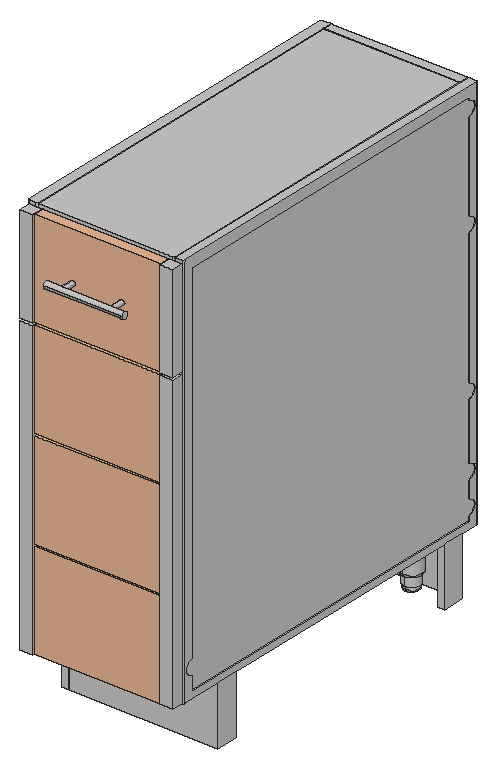
Revit family "Outdoor-Kitchen-Cabinets_Kalamazoo_Storage-Cabinets_Arcadia", category Specialty Equipment, Revit 2018
Family settings
  Round Connector Dimension = Use Diameter
  Part Type = Normal
  OmniClass Number = 23.40.40.11
  OmniClass Title = Specialized Food Storage and Display Furnishings
  Work Plane-Based = No
  Always vertical = Yes
  Cut with Voids When Loaded = No
  Shared = No
  Room Calculation Point = No
Parameters (values of type "Load Type Catalog")
  Ι_Gnrc Mdl Optn 02 = Extension : -3/4"
  Ι_Gnrc Mdl Optn 01 = Extension : +3/4"
  Ι_Bttm_Prfl [instance] = if(Height Extension = Ι_Gnrc Mdl Optn 01, 5 1/4", if(Height Extension = Ι_Gnrc Mdl Optn 02, 3 3/4", 4 1/2"))  # 4 1/2"
  Width = 12"
  Weight (lb) = 180.00 lbf
  URL = "https://kalamazoogourmet.com/products/arcadia-12-inch-pull-out-rack-storage-cabinet/"
  SNGL = not(DBL)  # yes
  Right Hinge [instance] = not(Left Hinge)  # no
  Product data url = "https://www.bimobject.com/en-us/kalamazoogourmet/product/arcadia-storage-cabinet"
  Product Material = Kalamazoo - Stainless Steel - 304 OR 316L
  Panel Finish [instance] = Kalamazoo - Ipe Wood
  Optional Decorative Back Panel [instance] = no
  Model = "KD-12-1"
  Manufacturer = "Kalamazoo Outdoor Gourmet\r\n"  # constant formula
  Left Hinge [instance] = yes
  Keynote = "11400"
  Height Extension [instance] = Extension : None
  Height [instance] = Ι_Bttm_Prfl + 30 1/2"  # 35"
  Front Toe-Kick [instance] = yes
  Description = "Load Type Catalog"
  Depth = 29 1/8"  # constant formula
  DBL = Width > 29"  # no
  Back Toe-Kick [instance] = yes
  Assembly Code = "E1090300"
  3 = no
  2 = no
Reference planes (in)
  plane 1: y = 0
  plane 2: z = 0
  plane 3 "Center (Left/Right)": x = 0
  plane 4: x = -6
  plane 5: x = 6
  plane 6: x = -5.24947
  plane 7: x = 5.26003
  plane 8: x = 5.87546
  plane 9: x = -5.8649
  plane 10 "Center (Front/Back)": y = 13.77968
  plane 11: y = -15.34532
  plane 12: x = -4.8642
  plane 13: x = 4.87476
  plane 14: x = -1.89193
  plane 15: x = 1.89193
  plane 16: x = -3.01772
  plane 17: x = 3.01772
  plane 18: z = 35
  plane 19: x = -2.82527
  plane 20: x = 2.8125
  plane 21: z = 4.5
Forms (in)
  Revolve 1, solid, material "Kalamazoo - Stainless Steel - 304 OR 316L" <- "Product Material", detail levels fine
    sketch origin (-2.82527, -180, 0.15636) x (0, 0, -1) y (0, -1, 0)
      loop
        line (0.15636, -169.74079) -> (-4.34364, -169.74079) -> (-4.34364, -170.55386) -> (-1.1483, -170.55386)
        arc (-1.1483, -170.55386) -> (-1.02584, -170.49675) -> (-0.99086, -170.36623) r 0.15987
        line (-0.99086, -170.36623) -> (-0.25643, -170.36623) -> (-0.25643, -170.30952) -> (0, -170.30952)
        arc (0, -170.30952) -> (0.11056, -170.26372) -> (0.15636, -170.15316) r 0.15636
        line (0.15636, -170.15316) -> (0.15636, -169.74079)
      axis (-4.34364, -169.74079) -> (0.15636, -169.74079)
    angle from 0 to 360
  Revolve 2, solid, material "Kalamazoo - Stainless Steel - 304 OR 316L" <- "Product Material", detail levels fine
    sketch origin (-2.82527, -158.30525, 0.15636) x (0, 0, -1) y (0, -1, 0)
      loop
        line (0.15636, -169.74079) -> (-4.34364, -169.74079) -> (-4.34364, -170.55386) -> (-1.1483, -170.55386)
        arc (-1.1483, -170.55386) -> (-1.02584, -170.49675) -> (-0.99086, -170.36623) r 0.15987
        line (-0.99086, -170.36623) -> (-0.25643, -170.36623) -> (-0.25643, -170.30952) -> (0, -170.30952)
        arc (0, -170.30952) -> (0.11056, -170.26372) -> (0.15636, -170.15316) r 0.15636
        line (0.15636, -170.15316) -> (0.15636, -169.74079)
      axis (-4.34364, -169.74079) -> (0.15636, -169.74079)
    angle from 0 to 360
  Revolve 3, solid, material "Kalamazoo - Stainless Steel - 304 OR 316L" <- "Product Material", detail levels fine
    sketch origin (2.8125, -180, 0.15636) x (0, 0, -1) y (0, -1, 0)
      loop
        line (0.15636, -169.74079) -> (-4.34364, -169.74079) -> (-4.34364, -170.55386) -> (-1.1483, -170.55386)
        arc (-1.1483, -170.55386) -> (-1.02584, -170.49675) -> (-0.99086, -170.36623) r 0.15987
        line (-0.99086, -170.36623) -> (-0.25643, -170.36623) -> (-0.25643, -170.30952) -> (0, -170.30952)
        arc (0, -170.30952) -> (0.11056, -170.26372) -> (0.15636, -170.15316) r 0.15636
        line (0.15636, -170.15316) -> (0.15636, -169.74079)
      axis (-4.34364, -169.74079) -> (0.15636, -169.74079)
    angle from 0 to 360
  Revolve 4, solid, material "Kalamazoo - Stainless Steel - 304 OR 316L" <- "Product Material", detail levels fine
    sketch origin (2.8125, -180, 0.15636) x (0, 0, -1) y (0, -1, 0)
      loop
        line (0.15636, -191.43554) -> (-4.34364, -191.43554) -> (-4.34364, -192.24861) -> (-1.1483, -192.24861)
        arc (-1.1483, -192.24861) -> (-1.02584, -192.1915) -> (-0.99086, -192.06098) r 0.15987
        line (-0.99086, -192.06098) -> (-0.25643, -192.06098) -> (-0.25643, -192.00427) -> (0, -192.00427)
        arc (0, -192.00427) -> (0.11056, -191.95847) -> (0.15636, -191.84791) r 0.15636
        line (0.15636, -191.84791) -> (0.15636, -191.43554)
      axis (-4.34364, -191.43554) -> (0.15636, -191.43554)
    angle from 0 to 360
  Revolve 5, solid, material "Kalamazoo - Stainless Steel - 304 OR 316L" <- "Product Material", detail levels coarse+medium
    sketch origin (-2.82527, -180, 0.15636) x (0, 0, -1) y (0, -1, 0)
      loop
        line (0.15636, -169.74079) -> (-4.34364, -169.74079) -> (-4.34364, -170.55386) -> (0.15636, -170.55386) -> (0.15636, -169.74079)
      axis (-4.34364, -169.74079) -> (0.15636, -169.74079)
    angle from 0 to 360
  Revolve 6, solid, material "Kalamazoo - Stainless Steel - 304 OR 316L" <- "Product Material", detail levels coarse+medium
    sketch origin (-2.82527, -180, 0.15636) x (0, 0, -1) y (0, -1, 0)
      loop
        line (0.15636, -191.43554) -> (-4.34364, -191.43554) -> (-4.34364, -192.24861) -> (0.15636, -192.24861) -> (0.15636, -191.43554)
      axis (-4.34364, -191.43554) -> (0.15636, -191.43554)
    angle from 0 to 360
  Revolve 7, solid, material "Kalamazoo - Stainless Steel - 304 OR 316L" <- "Product Material", detail levels coarse+medium
    sketch origin (2.8125, -180, 0.15636) x (0, 0, -1) y (0, -1, 0)
      loop
        line (0.15636, -169.74079) -> (-4.34364, -169.74079) -> (-4.34364, -170.55386) -> (0.15636, -170.55386) -> (0.15636, -169.74079)
      axis (-4.34364, -169.74079) -> (0.15636, -169.74079)
    angle from 0 to 360
  Revolve 8, solid, material "Kalamazoo - Stainless Steel - 304 OR 316L" <- "Product Material", detail levels coarse+medium
    sketch origin (2.8125, -180, 0.15636) x (0, 0, -1) y (0, -1, 0)
      loop
        line (0.15636, -191.43554) -> (-4.34364, -191.43554) -> (-4.34364, -192.24861) -> (0.15636, -192.24861) -> (0.15636, -191.43554)
      axis (-4.34364, -191.43554) -> (0.15636, -191.43554)
    angle from 0 to 360
  Extrusion 9, solid, material "Kalamazoo - Stainless Steel - 304 OR 316L" <- "Product Material", visible <- "Back Toe-Kick"
    sketch origin (0, -9.75763, 45.43725) x (0, 1, 0) y (-1, 0, 0)
      loop
        line (22.06624, -6) -> (22.06624, 6) -> (20.3801, 6) -> (20.3801, 5.5) -> (22.00624, 5.5) -> (22.00624, -5.5) -> (20.3801, -5.5) -> (20.3801, -6) -> (22.06624, -6)
    from -45.43725 to -40.93725
  Extrusion 10, solid, material "Kalamazoo - Stainless Steel - 304 OR 316L" <- "Product Material", visible <- "Front Toe-Kick"
    sketch origin (0, -9.75763, 45.43725) x (0, 1, 0) y (-1, 0, 0)
      loop
        line (-1.37465, -6) -> (0.31149, -6) -> (0.31149, -5.5) -> (-1.31465, -5.5) -> (-1.31465, 5.5) -> (0.31149, 5.5) -> (0.31149, 6) -> (-1.37465, 6) -> (-1.37465, -6)
    from -45.43725 to -40.93725
Dimensions and locks (in)
  "Width": plane 4 to plane 5
  "Depth": plane 11 to plane 10 "Center (Front/Back)"
  locked: plane 4 to plane 6 at 0.75053
  locked: plane 7 to plane 5 at 0.73997
  locked: plane 13 to plane 8 at 1.0007
  locked: plane 9 to plane 12 at 1.0007
  locked: plane 4 to plane 9 at 0.1351
  locked: plane 8 to plane 5 at 0.12454
  equal spacing: plane 14, plane 3 "Center (Left/Right)", plane 15, locked at 1.89193 each  (x2)
  equal spacing: plane 16, plane 3 "Center (Left/Right)", plane 17, locked at 3.01772 each
  "Height": plane 18 to level
  locked: plane 19 to plane 4 at 3.17473
  locked: plane 5 to plane 20 at 3.1875
  equal spacing: plane 4, plane 3 "Center (Left/Right)", plane 5
  equal spacing: plane 17, plane 3 "Center (Left/Right)", plane 16, locked at 3.01772 each
  "Ι_Bttm_Prfl": plane 21 to level
  Extrusion 9 sketch curve to Extrusion 9 sketch curve to Extrusion 9 sketch curve to plane 10 "Center (Front/Back)" = 1.62614" locked, 0.06" locked, 1.47107" locked
  locked: Extrusion 9 sketch curve to plane 10 "Center (Front/Back)" at 3.15722
  locked: plane 4 to Extrusion 9 sketch curve at 0.5
  locked: Extrusion 9 sketch curve to plane 5 at 0.5
  Extrusion 10 sketch curve to Extrusion 10 sketch curve to Extrusion 10 sketch curve to plane 11 = 1.62614" locked, 0.06" locked, 4.21303" locked
  locked: plane 11 to Extrusion 10 sketch curve at 5.89918
  locked: plane 4 to Extrusion 10 sketch curve at 0.5
  locked: Extrusion 10 sketch curve to plane 5 at 0.5
  aligned and locked: plane 2 to level
  aligned and locked: Revolve 2 sketch curve to plane 21
  aligned and locked: Revolve 4 sketch curve to plane 21
  aligned and locked: Revolve 1 sketch curve to plane 21
  aligned and locked: Revolve 3 sketch curve to plane 21
  aligned and locked: Revolve 5 sketch curve to plane 21
  aligned and locked: Revolve 6 sketch curve to plane 21
  aligned and locked: Revolve 8 sketch curve to plane 21
  aligned and locked: Revolve 7 sketch curve to plane 21
  aligned and locked: plane 1 to nested 1
  aligned and locked: plane 21 to nested 1
  aligned and locked: plane 3 "Center (Left/Right)" to nested 1
  aligned and locked: Extrusion 9 sketch curve to plane 4
  aligned and locked: plane 5 to Extrusion 9 sketch curve
  aligned and locked: plane 4 to Extrusion 10 sketch curve
  aligned and locked: Extrusion 10 sketch curve to plane 5
  aligned and locked: Extrusion 10 to plane 2
  aligned and locked: Extrusion 10 to plane 21
  aligned and locked: Extrusion 9 to plane 2
  aligned and locked: Extrusion 9 to plane 21
Automatic sketch dimensions
  Revolve 1 sketch curve to level = 0"  (x2)
  Revolve 1 sketch curve to Revolve 1 sketch curve = 0.15636"
  Revolve 1 sketch curve to Revolve 1 sketch curve = 0.25643"
  Revolve 1 sketch curve to Revolve 1 sketch curve = 0.73444"
  Revolve 1 sketch curve to Revolve 1 sketch curve = 0.15744"
  plane 11 to Revolve 1 sketch curve = 5.89918"
  Revolve 1 sketch curve to Revolve 1 sketch curve = 0.15987"
  Revolve 1 sketch curve to Revolve 1 sketch curve = 0.05671"
  Revolve 1 sketch curve to Revolve 1 sketch curve = 0.81307"
  Revolve 1 sketch curve to level = 0.63322"
  Revolve 1 sketch curve to Revolve 1 sketch curve = 0"
  Revolve 2 sketch curve to level = 0"  (x2)
  level to Revolve 2 sketch curve = 0.15636"
  Revolve 2 sketch curve to Revolve 2 sketch curve = 0.25643"
  Revolve 2 sketch curve to Revolve 2 sketch curve = 0.73444"
  Revolve 2 sketch curve to Revolve 2 sketch curve = 0.15744"
  plane 10 "Center (Front/Back)" to Revolve 2 sketch curve = 1.53107"
  Revolve 2 sketch curve to Revolve 2 sketch curve = 0.15987"
  Revolve 2 sketch curve to Revolve 2 sketch curve = 0.05671"
  Revolve 2 sketch curve to Revolve 2 sketch curve = 0.81307"
  Revolve 2 sketch curve to Revolve 2 sketch curve = 0.63322"
  Revolve 2 sketch curve to Revolve 2 sketch curve = 0"
  Revolve 3 sketch curve to level = 0"  (x2)
  Revolve 3 sketch curve to level = 0.15636"
  Revolve 3 sketch curve to Revolve 3 sketch curve = 0.25643"
  Revolve 3 sketch curve to Revolve 3 sketch curve = 0.73444"
  Revolve 3 sketch curve to Revolve 3 sketch curve = 0.15744"
  Revolve 3 sketch curve to plane 11 = 5.89918"
  Revolve 3 sketch curve to Revolve 3 sketch curve = 0.15987"
  Revolve 3 sketch curve to Revolve 3 sketch curve = 0.05671"
  Revolve 3 sketch curve to Revolve 3 sketch curve = 0.81307"
  Revolve 3 sketch curve to Revolve 3 sketch curve = 0.63322"
  Revolve 3 sketch curve to Revolve 3 sketch curve = 0"
  Revolve 4 sketch curve to level = 0"  (x2)
  Revolve 4 sketch curve to level = 0.15636"
  Revolve 4 sketch curve to Revolve 4 sketch curve = 0.25643"
  Revolve 4 sketch curve to Revolve 4 sketch curve = 0.73444"
  Revolve 4 sketch curve to Revolve 4 sketch curve = 0.15744"
  Revolve 4 sketch curve to plane 10 "Center (Front/Back)" = 1.53107"
  Revolve 4 sketch curve to Revolve 4 sketch curve = 0.15987"
  Revolve 4 sketch curve to Revolve 4 sketch curve = 0.05671"
  Revolve 4 sketch curve to Revolve 4 sketch curve = 0.81307"
  Revolve 4 sketch curve to Revolve 4 sketch curve = 0.63322"
  Revolve 4 sketch curve to Revolve 4 sketch curve = 0"
  Revolve 5 sketch curve to level = 0"  (x2)
  plane 11 to Revolve 5 sketch curve = 5.89918"
  Revolve 5 sketch curve to Revolve 5 sketch curve = 0.81307"
  Revolve 5 sketch curve to level = 0.63322"
  Revolve 5 sketch curve to Revolve 5 sketch curve = 0"
  Revolve 6 sketch curve to level = 0"  (x2)
  plane 10 "Center (Front/Back)" to Revolve 6 sketch curve = 1.53107"
  Revolve 6 sketch curve to Revolve 6 sketch curve = 0.81307"
  Revolve 6 sketch curve to Revolve 6 sketch curve = 0.63322"
  Revolve 6 sketch curve to Revolve 6 sketch curve = 0"
  Revolve 7 sketch curve to level = 0"  (x2)
  Revolve 7 sketch curve to plane 11 = 5.89918"
  Revolve 7 sketch curve to Revolve 7 sketch curve = 0.81307"
  Revolve 7 sketch curve to Revolve 7 sketch curve = 0.63322"
  Revolve 7 sketch curve to Revolve 7 sketch curve = 0"
  Revolve 8 sketch curve to level = 0"  (x2)
  Revolve 8 sketch curve to plane 10 "Center (Front/Back)" = 1.53107"
  Revolve 8 sketch curve to Revolve 8 sketch curve = 0.81307"
  Revolve 8 sketch curve to Revolve 8 sketch curve = 0.63322"
  Revolve 8 sketch curve to Revolve 8 sketch curve = 0"
Nested families (in)
  nested 1: "Arcadia-Storage-Cabinets" at (0, 0, 0), type "Load Type Catalog"
    with Ι_Bttm_Prfl 4 1/2", Height 35"
Definition of nested family "Arcadia-Storage-Cabinets"
  Parameters (values of type "Load Type Catalog")
    Ι_Drct Nstll = no
    Ι_Dffrnt_Dblg = no
    Ι_Bttm_Prfl [instance] = 4 1/2"
    Ι_Bth_Nt_FT60 = no
    Ι_Bth_FT60 = yes
    Width = 12"
    URL = "https://kalamazoogourmet.com/products/arcadia-36-inch-storage-cabinets/"
    Product Material = none
    Panel = none
    Optional Decorative Back Panel = no
    Model = "KD-36-4"
    Manufacturer = "Kalamazoo"  # constant formula
    Keynote = "11400"
    Height [instance] = 35"
    Description = "ARCADIA 36-INCH STORAGE CABINETS"
    Depth = 29 1/8"  # constant formula
    BKPNLSNGL = and(Ι_Bth_FT60, Optional Decorative Back Panel)  # no
    BKPNLDBL = and(Ι_Drct Nstll, Optional Decorative Back Panel)  # no
    Assembly Code = "E1090300"
  Reference planes (in)
    plane 1: y = 0
    plane 2: z = 0
    plane 3 "Center (Left/Right)": x = 0
    plane 4: x = -6
    plane 5: x = 6
    plane 6: x = -5.24947
    plane 7: x = 5.26003
    plane 8: x = 5.87546
    plane 9: x = -5.8649
    plane 10 "Center (Front/Back)": y = 13.77968
    plane 11: y = -15.34532
    plane 12: x = -4.8642
    plane 13: x = 4.87476
    plane 14: x = -1.89193
    plane 15: x = 1.89193
    plane 16: x = -3.01772
    plane 17: x = 3.01772
    plane 18: z = 35
    plane 19: x = -2.82527
    plane 20: x = 2.8125
    plane 21: z = 4.5
    plane 22: x = -3
    plane 23: x = 3
    plane 24: x = -4.89075
    plane 25: x = -1.10925
    plane 26: x = 4.89075
    plane 27: x = 1.10925
  Forms (in)
    Extrusion 1, solid, material <- "Product Material"
      sketch origin (0, -9.75763, 45.43725) x (0, 1, 0) y (-1, 0, 0)
        loop
          line (22.78679, 5.1394) -> (22.78679, -5.15169)
          arc (22.78679, -5.15169) -> (22.81852, -5.22829) -> (22.89513, -5.26003) r 0.10834
          line (22.89513, -5.26003) -> (23.42897, -5.26003)
          arc (23.42897, -5.26003) -> (23.50558, -5.22829) -> (23.53731, -5.15169) r 0.10834
          line (23.53731, -5.15169) -> (23.53731, 5.1394)
          arc (23.53731, 5.1394) -> (23.50507, 5.21723) -> (23.42724, 5.24947) r 0.11008
          line (23.42724, 5.24947) -> (22.89686, 5.24947)
          arc (22.89686, 5.24947) -> (22.81903, 5.21723) -> (22.78679, 5.1394) r 0.11008
      from -40.93725 to -10.43725
    Extrusion 2, solid, material <- "Product Material"
      sketch origin (0, -9.75763, 45.43725) x (0, 1, 0) y (-1, 0, 0)
        loop
          line (22.78679, -5.26003) -> (22.78679, 5.24947) -> (-4.55229, 5.24947)
          arc (-4.55229, 5.24947) -> (-4.63022, 5.21719) -> (-4.66251, 5.13926) r 0.11022
          line (-4.66251, 5.13926) -> (-4.66251, -5.15025)
          arc (-4.66251, -5.15025) -> (-4.63035, -5.22787) -> (-4.55273, -5.26003) r 0.10978
          line (-4.55273, -5.26003) -> (22.78679, -5.26003)
      from -40.93725 to -10.43725
    Extrusion 3, solid, material <- "Product Material", detail levels fine
      sketch origin (0, -9.75763, 45.43725) x (0, 1, 0) y (-1, 0, 0)
        loop
          line (23.42724, 6) -> (-4.55241, 6)
          arc (-4.55241, 6) -> (-4.63024, 5.96776) -> (-4.66248, 5.88993) r 0.11007
          line (-4.66248, 5.88993) -> (-4.66248, 5.35963)
          arc (-4.66248, 5.35963) -> (-4.63021, 5.28174) -> (-4.55232, 5.24947) r 0.11016
          line (-4.55232, 5.24947) -> (23.42722, 5.24947)
          arc (23.42722, 5.24947) -> (23.50508, 5.28172) -> (23.53732, 5.35958) r 0.11011
          line (23.53732, 5.35958) -> (23.53732, 5.88992)
          arc (23.53732, 5.88992) -> (23.50508, 5.96776) -> (23.42724, 6) r 0.11008
        loop
          arc (23.42724, -6) -> (23.50508, -5.96776) -> (23.53732, -5.88992) r 0.11008
          line (23.53732, -5.88992) -> (23.53732, -5.37013)
          arc (23.53732, -5.37013) -> (23.50508, -5.29227) -> (23.42722, -5.26003) r 0.11011
          line (23.42722, -5.26003) -> (-4.55232, -5.26003)
          arc (-4.55232, -5.26003) -> (-4.63021, -5.29229) -> (-4.66248, -5.37019) r 0.11016
          line (-4.66248, -5.37019) -> (-4.66248, -5.88993)
          arc (-4.66248, -5.88993) -> (-4.63024, -5.96776) -> (-4.55241, -6) r 0.11007
          line (-4.55241, -6) -> (23.42724, -6)
      from -40.93725 to -10.43725
    Extrusion 4, void
      sketch origin (-8.5, -23.9075, 48) x (0, 1, 0) y (0, 0, 1)
        loop
          line (10.23789, -13.77105) -> (10.23665, -40.6144)
          arc (10.23665, -40.6144) -> (10.19899, -40.7053) -> (10.1081, -40.74295) r 0.12855
          arc (10.1081, -40.74295) -> (9.67459, -41.2905) -> (10.1081, -41.83806) r 0.56256
          arc (10.1081, -41.83806) -> (10.19958, -41.87595) -> (10.23747, -41.96743) r 0.12937
          line (10.23747, -41.96743) -> (10.23747, -43) -> (36.93666, -43) -> (36.93666, -42.71743)
          arc (36.93666, -42.71743) -> (36.96568, -42.6377) -> (37.03916, -42.59528) r 0.12404
          arc (37.03916, -42.59528) -> (37.48578, -42.04091) -> (37.03916, -41.48655) r 0.56736
          arc (37.03916, -41.48655) -> (36.96568, -41.44413) -> (36.93666, -41.3644) r 0.12404
          line (36.93666, -41.3644) -> (36.93666, -40.27555)
          arc (36.93666, -40.27555) -> (36.95901, -40.18143) -> (37.0398, -40.12824) r 0.13116
          arc (37.0398, -40.12824) -> (37.49378, -39.57038) -> (37.0398, -39.01252) r 0.56975
          arc (37.0398, -39.01252) -> (36.96605, -38.97247) -> (36.93666, -38.89386) r 0.11982
          line (36.93666, -38.89386) -> (36.93666, -34.72966)
          arc (36.93666, -34.72966) -> (36.96118, -34.63987) -> (37.039, -34.5888) r 0.13152
          arc (37.039, -34.5888) -> (37.48317, -34.03485) -> (37.039, -33.4809) r 0.56752
          arc (37.039, -33.4809) -> (36.96563, -33.43844) -> (36.93666, -33.35877) r 0.12404
          line (36.93666, -33.35877) -> (36.93666, -23.25635)
          arc (36.93666, -23.25635) -> (36.97345, -23.15398) -> (37.06594, -23.0967) r 0.16513
          arc (37.06594, -23.0967) -> (37.50128, -22.55395) -> (37.06594, -22.01119) r 0.55601
          arc (37.06594, -22.01119) -> (36.97453, -21.97332) -> (36.93666, -21.88191) r 0.12929
          line (36.93666, -21.88191) -> (36.93666, -15.25639)
          arc (36.93666, -15.25639) -> (36.96856, -15.18061) -> (37.03916, -15.13848) r 0.13182
          arc (37.03916, -15.13848) -> (37.48283, -14.58412) -> (37.03916, -14.02975) r 0.56817
          arc (37.03916, -14.02975) -> (36.96568, -13.98733) -> (36.93666, -13.9076) r 0.12404
          line (36.93666, -13.9076) -> (36.93666, -13.77105) -> (10.23789, -13.77105)
      from 2.5 to 2.6351
    Extrusion 5, void
      sketch origin (8.5, -23.9075, 48) x (0, 1, 0) y (0, 0, -1)
        loop
          line (10.23789, 13.77105) -> (36.93666, 13.77105) -> (36.93666, 13.9076)
          arc (36.93666, 13.9076) -> (36.96568, 13.98733) -> (37.03916, 14.02975) r 0.12404
          arc (37.03916, 14.02975) -> (37.48283, 14.58412) -> (37.03916, 15.13848) r 0.56817
          arc (37.03916, 15.13848) -> (36.96856, 15.18061) -> (36.93666, 15.25639) r 0.13182
          line (36.93666, 15.25639) -> (36.93666, 21.88191)
          arc (36.93666, 21.88191) -> (36.97453, 21.97332) -> (37.06594, 22.01119) r 0.12929
          arc (37.06594, 22.01119) -> (37.50128, 22.55395) -> (37.06594, 23.0967) r 0.55601
          arc (37.06594, 23.0967) -> (36.97345, 23.15398) -> (36.93666, 23.25635) r 0.16513
          line (36.93666, 23.25635) -> (36.93666, 33.35877)
          arc (36.93666, 33.35877) -> (36.96563, 33.43844) -> (37.039, 33.4809) r 0.12404
          arc (37.039, 33.4809) -> (37.48317, 34.03485) -> (37.039, 34.5888) r 0.56752
          arc (37.039, 34.5888) -> (36.96118, 34.63987) -> (36.93666, 34.72966) r 0.13152
          line (36.93666, 34.72966) -> (36.93666, 38.89386)
          arc (36.93666, 38.89386) -> (36.96605, 38.97247) -> (37.0398, 39.01252) r 0.11982
          arc (37.0398, 39.01252) -> (37.49378, 39.57038) -> (37.0398, 40.12824) r 0.56975
          arc (37.0398, 40.12824) -> (36.95901, 40.18143) -> (36.93666, 40.27555) r 0.13116
          line (36.93666, 40.27555) -> (36.93666, 41.3644)
          arc (36.93666, 41.3644) -> (36.96568, 41.44413) -> (37.03916, 41.48655) r 0.12404
          arc (37.03916, 41.48655) -> (37.48578, 42.04091) -> (37.03916, 42.59528) r 0.56736
          arc (37.03916, 42.59528) -> (36.96568, 42.6377) -> (36.93666, 42.71743) r 0.12404
          line (36.93666, 42.71743) -> (36.93666, 43) -> (10.23747, 43) -> (10.23747, 41.96743)
          arc (10.23747, 41.96743) -> (10.19958, 41.87595) -> (10.1081, 41.83806) r 0.12937
          arc (10.1081, 41.83806) -> (9.67459, 41.2905) -> (10.1081, 40.74295) r 0.56256
          arc (10.1081, 40.74295) -> (10.19899, 40.7053) -> (10.23665, 40.6144) r 0.12855
          line (10.23665, 40.6144) -> (10.23789, 13.77105)
      from 2.5 to 2.62454
    Extrusion 6, solid, material <- "Product Material", detail levels coarse+medium
      sketch origin (0, -9.75763, 45.43725) x (0, 1, 0) y (-1, 0, 0)
        loop
          line (23.42724, 6) -> (-4.55241, 6)
          arc (-4.55241, 6) -> (-4.63024, 5.96776) -> (-4.66248, 5.88993) r 0.11007
          line (-4.66248, 5.88993) -> (-4.66248, 5.35963)
          arc (-4.66248, 5.35963) -> (-4.63021, 5.28174) -> (-4.55232, 5.24947) r 0.11016
          line (-4.55232, 5.24947) -> (23.42722, 5.24947)
          arc (23.42722, 5.24947) -> (23.50508, 5.28172) -> (23.53732, 5.35958) r 0.11011
          line (23.53732, 5.35958) -> (23.53732, 5.88992)
          arc (23.53732, 5.88992) -> (23.50508, 5.96776) -> (23.42724, 6) r 0.11008
        loop
          arc (23.42724, -6) -> (23.50508, -5.96776) -> (23.53732, -5.88992) r 0.11008
          line (23.53732, -5.88992) -> (23.53732, -5.37013)
          arc (23.53732, -5.37013) -> (23.50508, -5.29227) -> (23.42722, -5.26003) r 0.11011
          line (23.42722, -5.26003) -> (-4.55232, -5.26003)
          arc (-4.55232, -5.26003) -> (-4.63021, -5.29229) -> (-4.66248, -5.37019) r 0.11016
          line (-4.66248, -5.37019) -> (-4.66248, -5.88993)
          arc (-4.66248, -5.88993) -> (-4.63024, -5.96776) -> (-4.55241, -6) r 0.11007
          line (-4.55241, -6) -> (23.42724, -6)
      from -40.93725 to -10.43725
    Extrusion 7, solid, material <- "Product Material"
      sketch origin (0, 0, 0) x (1, 0, 0) y (0, 0, 1)
        loop
          line (-5.8649, 34.77934) -> (-5.8649, 27.33411) -> (-4.8642, 27.33411) -> (-4.8642, 34.77934) -> (-5.8649, 34.77934)
        loop
          line (5.87546, 34.77934) -> (4.87476, 34.77934) -> (4.87476, 27.33411) -> (5.87546, 27.33411) -> (5.87546, 34.77934)
      from 14.45141 to 15.36205
    Extrusion 8, solid, material <- "Product Material"
      sketch origin (0, 0, 0) x (1, 0, 0) y (0, 0, 1)
        loop
          line (-5.8649, 27.15148) -> (-5.8649, 4.5) -> (-4.8642, 4.5) -> (-4.8642, 27.15148) -> (-5.8649, 27.15148)
        loop
          line (5.87546, 27.15148) -> (4.87476, 27.15148) -> (4.87476, 4.5) -> (5.87546, 4.5) -> (5.87546, 27.15148)
      from 14.45141 to 15.36205
    Extrusion 9, solid, material <- "Panel", visible <- "Ι_Bth_FT60"
      sketch origin (0, 0, 0) x (1, 0, 0) y (0, 0, 1)
        loop
          line (-4.8642, 34.77934) -> (-4.8642, 27.33411) -> (4.87476, 27.33411) -> (4.87476, 34.77934) -> (-4.8642, 34.77934)
        loop
          line (-4.8642, 27.15148) -> (-4.8642, 19.70625) -> (4.87476, 19.70625) -> (4.87476, 27.15148) -> (-4.8642, 27.15148)
        loop
          line (-4.8642, 19.52862) -> (-4.8642, 12.08339) -> (4.87476, 12.08339) -> (4.87476, 19.52862) -> (-4.8642, 19.52862)
        loop
          line (-4.8642, 11.90327) -> (-4.8642, 4.5) -> (4.87476, 4.5) -> (4.87476, 11.90327) -> (-4.8642, 11.90327)
      from 14.45141 to 15.25197
    Extrusion 10, solid, material <- "Product Material", visible <- "Ι_Bth_FT60", detail levels fine
      sketch origin (-8.5, -23.9075, 48) x (0, 1, 0) y (0, 0, 1)
        loop
          circle (7.52997, -16.94628) r 0.2366
      from 5.48228 to 11.51772
    Revolve 11, solid, material <- "Product Material", visible <- "Ι_Bth_FT60", detail levels fine
      sketch origin (-1.89193, -16.23856, 48) x (0, -1, 0) y (0, 0, 1)
        loop
          line (-0.0086, -16.94628) -> (-0.0086, -16.75364) -> (-0.98659, -16.75364) -> (-0.98659, -16.94628) -> (-0.0086, -16.94628)
        axis (-0.98659, -16.94628) -> (-0.0086, -16.94628)
      angle from 0 to 360
    Revolve 12, solid, material <- "Product Material", visible <- "Ι_Bth_FT60", detail levels fine
      sketch origin (1.89193, -16.23856, 48) x (0, -1, 0) y (0, 0, 1)
        loop
          line (-0.0086, -16.94628) -> (-0.0086, -16.75364) -> (-0.98659, -16.75364) -> (-0.98659, -16.94628) -> (-0.0086, -16.94628)
        axis (-0.98659, -16.94628) -> (-0.0086, -16.94628)
      angle from 0 to 360
    Extrusion 13, solid, material <- "Product Material", visible <- "Ι_Bth_Nt_FT60", detail levels fine
      sketch origin (-8.5, -23.9075, 40.37214) x (0, 1, 0) y (0, 0, 1)
        loop
          circle (7.52997, -16.94628) r 0.2366
      from 5.48228 to 11.51772
    Revolve 14, solid, material <- "Product Material", visible <- "Ι_Bth_Nt_FT60", detail levels fine
      sketch origin (-1.89193, -16.23856, 48) x (0, -1, 0) y (0, 0, 1)
        loop
          line (-0.0086, -24.57414) -> (-0.0086, -24.3815) -> (-0.98659, -24.3815) -> (-0.98659, -24.57414) -> (-0.0086, -24.57414)
        axis (-0.98659, -24.57414) -> (-0.0086, -24.57414)
      angle from 0 to 360
    Revolve 15, solid, material <- "Product Material", visible <- "Ι_Bth_Nt_FT60", detail levels fine
      sketch origin (1.89193, -16.23856, 48) x (0, -1, 0) y (0, 0, 1)
        loop
          line (-0.0086, -24.57414) -> (-0.0086, -24.3815) -> (-0.98659, -24.3815) -> (-0.98659, -24.57414) -> (-0.0086, -24.57414)
        axis (-0.98659, -24.57414) -> (-0.0086, -24.57414)
      angle from 0 to 360
    Extrusion 16, solid, material <- "Product Material", visible <- "Ι_Dffrnt_Dblg", detail levels fine
      sketch origin (-8.5, -23.9075, 32.74428) x (0, 1, 0) y (0, 0, 1)
        loop
          circle (7.52997, -16.94628) r 0.2366
      from 5.48228 to 11.51772
    Revolve 17, solid, material <- "Product Material", visible <- "Ι_Dffrnt_Dblg", detail levels fine
      sketch origin (-1.89193, -16.23856, 48) x (0, -1, 0) y (0, 0, 1)
        loop
          line (-0.0086, -32.202) -> (-0.0086, -32.00936) -> (-0.98659, -32.00936) -> (-0.98659, -32.202) -> (-0.0086, -32.202)
        axis (-0.98659, -32.202) -> (-0.0086, -32.202)
      angle from 0 to 360
    Revolve 18, solid, material <- "Product Material", visible <- "Ι_Dffrnt_Dblg", detail levels fine
      sketch origin (1.89193, -16.23856, 48) x (0, -1, 0) y (0, 0, 1)
        loop
          line (-0.0086, -32.202) -> (-0.0086, -32.00936) -> (-0.98659, -32.00936) -> (-0.98659, -32.202) -> (-0.0086, -32.202)
        axis (-0.98659, -32.202) -> (-0.0086, -32.202)
      angle from 0 to 360
    Extrusion 19, solid, material <- "Product Material", visible <- "Ι_Drct Nstll"
      sketch origin (0, 0, 0) x (1, 0, 0) y (0, 0, 1)
        loop
          line (-1.135, 34.7549) -> (-1.135, 27.3149) -> (-0.135, 27.3149) -> (-0.135, 34.7549) -> (-1.135, 34.7549)
        loop
          line (0.135, 34.7549) -> (0.135, 27.3149) -> (1.135, 27.3149) -> (1.135, 34.7549) -> (0.135, 34.7549)
        loop
          line (-1.135, 27.1329) -> (-1.135, 4.5) -> (-0.135, 4.5) -> (-0.135, 27.1329) -> (-1.135, 27.1329)
        loop
          line (0.135, 4.5) -> (1.135, 4.5) -> (1.135, 27.1329) -> (0.135, 27.1329) -> (0.135, 4.5)
      from 14.45141 to 15.36205
    Extrusion 20, solid, material <- "Panel", visible <- "Ι_Drct Nstll"
      sketch origin (0, 0, 0) x (1, 0, 0) y (0, 0, 1)
        loop
          line (-4.8642, 34.7549) -> (-4.8642, 27.3149) -> (-1.135, 27.3149) -> (-1.135, 34.7549) -> (-4.8642, 34.7549)
        loop
          line (-4.8642, 27.1329) -> (-4.8642, 19.6929) -> (-1.135, 19.6929) -> (-1.135, 27.1329) -> (-4.8642, 27.1329)
        loop
          line (-4.8642, 19.52862) -> (-4.8642, 12.0704) -> (-1.135, 12.0704) -> (-1.135, 19.52862) -> (-4.8642, 19.52862)
        loop
          line (-4.8642, 11.90327) -> (-4.8642, 4.5) -> (-1.135, 4.5) -> (-1.135, 11.90327) -> (-4.8642, 11.90327)
        loop
          line (4.87476, 34.7549) -> (1.135, 34.7549) -> (1.135, 27.3149) -> (4.87476, 27.3149) -> (4.87476, 34.7549)
        loop
          line (4.87476, 27.1329) -> (1.135, 27.1329) -> (1.135, 19.6929) -> (4.87476, 19.6929) -> (4.87476, 27.1329)
        loop
          line (4.87476, 19.52862) -> (1.135, 19.52862) -> (1.135, 12.0704) -> (4.87476, 12.0704) -> (4.87476, 19.52862)
        loop
          line (4.87476, 11.90327) -> (1.135, 11.90327) -> (1.135, 4.5) -> (4.87476, 4.5) -> (4.87476, 11.90327)
      from 14.45141 to 15.25197
    Revolve 21, solid, material <- "Product Material", visible <- "Ι_Drct Nstll", detail levels fine
      sketch origin (-4.89075, -15.25197, 48) x (0, 1, 0) y (0, 0, 1)
        loop
          line (-0.97799, -16.94628) -> (0, -16.94628) -> (0, -16.75364) -> (-0.97799, -16.75364) -> (-0.97799, -16.94628)
        axis (0, -16.94628) -> (-0.97799, -16.94628)
      angle from 0 to 360
    Revolve 22, solid, material <- "Product Material", visible <- "Ι_Drct Nstll", detail levels fine
      sketch origin (-1.10925, -15.25197, 48) x (0, 1, 0) y (0, 0, 1)
        loop
          line (-0.97799, -16.94628) -> (0, -16.94628) -> (0, -16.75364) -> (-0.97799, -16.75364) -> (-0.97799, -16.94628)
        axis (0, -16.94628) -> (-0.97799, -16.94628)
      angle from 0 to 360
    Extrusion 23, solid, material <- "Product Material", visible <- "Ι_Drct Nstll", detail levels fine
      sketch origin (-15.99867, -23.9075, 48) x (0, 1, 0) y (0, 0, 1)
        loop
          circle (7.52997, -16.94628) r 0.2366
      from 9.98228 to 16.01772
    Revolve 24, solid, material <- "Product Material", visible <- "Ι_Drct Nstll", detail levels fine
      sketch origin (4.89075, -15.25197, 48) x (0, 1, 0) y (0, 0, 1)
        loop
          line (-0.97799, -16.94628) -> (0, -16.94628) -> (0, -16.75364) -> (-0.97799, -16.75364) -> (-0.97799, -16.94628)
        axis (0, -16.94628) -> (-0.97799, -16.94628)
      angle from 0 to 360
    Revolve 25, solid, material <- "Product Material", visible <- "Ι_Drct Nstll", detail levels fine
      sketch origin (1.10925, -15.25197, 48) x (0, 1, 0) y (0, 0, 1)
        loop
          line (-0.97799, -16.94628) -> (0, -16.94628) -> (0, -16.75364) -> (-0.97799, -16.75364) -> (-0.97799, -16.94628)
        axis (0, -16.94628) -> (-0.97799, -16.94628)
      angle from 0 to 360
    Extrusion 26, solid, material <- "Product Material", visible <- "Ι_Drct Nstll", detail levels fine
      sketch origin (15.99867, -23.9075, 48) x (0, 1, 0) y (0, 0, -1)
        loop
          circle (7.52997, 16.94628) r 0.2366
      from 9.98228 to 16.01772
    Revolve 27, solid, material <- "Product Material", visible <- "Ι_Drct Nstll", detail levels fine
      sketch origin (-4.89075, -15.25197, 48) x (0, 1, 0) y (0, 0, 1)
        loop
          line (-0.97799, -24.588) -> (0, -24.588) -> (0, -24.39537) -> (-0.97799, -24.39537) -> (-0.97799, -24.588)
        axis (0, -24.588) -> (-0.97799, -24.588)
      angle from 0 to 360
    Revolve 28, solid, material <- "Product Material", visible <- "Ι_Drct Nstll", detail levels fine
      sketch origin (-1.10925, -15.25197, 48) x (0, 1, 0) y (0, 0, 1)
        loop
          line (-0.97799, -24.588) -> (0, -24.588) -> (0, -24.39537) -> (-0.97799, -24.39537) -> (-0.97799, -24.588)
        axis (0, -24.588) -> (-0.97799, -24.588)
      angle from 0 to 360
    Extrusion 29, solid, material <- "Product Material", visible <- "Ι_Drct Nstll", detail levels fine
      sketch origin (-15.99867, -23.9075, 40.35828) x (0, 1, 0) y (0, 0, 1)
        loop
          circle (7.52997, -16.94628) r 0.2366
      from 9.98228 to 16.01772
    Revolve 30, solid, material <- "Product Material", visible <- "Ι_Drct Nstll", detail levels fine
      sketch origin (4.89075, -15.25197, 48) x (0, 1, 0) y (0, 0, 1)
        loop
          line (-0.97799, -24.588) -> (0, -24.588) -> (0, -24.39537) -> (-0.97799, -24.39537) -> (-0.97799, -24.588)
        axis (0, -24.588) -> (-0.97799, -24.588)
      angle from 0 to 360
    Revolve 31, solid, material <- "Product Material", visible <- "Ι_Drct Nstll", detail levels fine
      sketch origin (1.10925, -15.25197, 48) x (0, 1, 0) y (0, 0, 1)
        loop
          line (-0.97799, -24.588) -> (0, -24.588) -> (0, -24.39537) -> (-0.97799, -24.39537) -> (-0.97799, -24.588)
        axis (0, -24.588) -> (-0.97799, -24.588)
      angle from 0 to 360
    Extrusion 32, solid, material <- "Product Material", visible <- "Ι_Drct Nstll", detail levels fine
      sketch origin (15.99867, -23.9075, 40.35828) x (0, 1, 0) y (0, 0, -1)
        loop
          circle (7.52997, 16.94628) r 0.2366
      from 9.98228 to 16.01772
    Extrusion 33, solid, material <- "Product Material", visible <- "Optional Decorative Back Panel"
      sketch origin (0, -0.75, 0) x (1, 0, 0) y (0, 0, -1)
        loop
          line (-5.8649, -34.77934) -> (-4.8642, -34.77934) -> (-4.8642, -27.33411) -> (-5.8649, -27.33411) -> (-5.8649, -34.77934)
        loop
          line (5.87546, -34.77934) -> (5.87546, -27.33411) -> (4.87476, -27.33411) -> (4.87476, -34.77934) -> (5.87546, -34.77934)
      from 14.45141 to 15.36205
    Extrusion 34, solid, material <- "Product Material", visible <- "Optional Decorative Back Panel"
      sketch origin (0, -0.75, 0) x (1, 0, 0) y (0, 0, -1)
        loop
          line (-5.8649, -27.15148) -> (-4.8642, -27.15148) -> (-4.8642, -4.5) -> (-5.8649, -4.5) -> (-5.8649, -27.15148)
        loop
          line (5.87546, -27.15148) -> (5.87546, -4.5) -> (4.87476, -4.5) -> (4.87476, -27.15148) -> (5.87546, -27.15148)
      from 14.45141 to 15.36205
    Extrusion 35, solid, material <- "Panel", visible <- "BKPNLSNGL"
      sketch origin (0, -0.75, 0) x (1, 0, 0) y (0, 0, -1)
        loop
          line (-4.8642, -34.77934) -> (4.87476, -34.77934) -> (4.87476, -27.33411) -> (-4.8642, -27.33411) -> (-4.8642, -34.77934)
        loop
          line (-4.8642, -27.15148) -> (4.87476, -27.15148) -> (4.87476, -19.70625) -> (-4.8642, -19.70625) -> (-4.8642, -27.15148)
        loop
          line (-4.8642, -19.52862) -> (4.87476, -19.52862) -> (4.87476, -12.08339) -> (-4.8642, -12.08339) -> (-4.8642, -19.52862)
        loop
          line (-4.8642, -11.90327) -> (4.87476, -11.90327) -> (4.87476, -4.5) -> (-4.8642, -4.5) -> (-4.8642, -11.90327)
      from 14.45141 to 15.25197
    Extrusion 36, solid, material <- "Product Material", visible <- "BKPNLDBL"
      sketch origin (0, -0.75, 0) x (1, 0, 0) y (0, 0, -1)
        loop
          line (-1.135, -34.7549) -> (-0.135, -34.7549) -> (-0.135, -27.3149) -> (-1.135, -27.3149) -> (-1.135, -34.7549)
        loop
          line (0.135, -34.7549) -> (1.135, -34.7549) -> (1.135, -27.3149) -> (0.135, -27.3149) -> (0.135, -34.7549)
        loop
          line (-1.135, -27.1329) -> (-0.135, -27.1329) -> (-0.135, -4.5) -> (-1.135, -4.5) -> (-1.135, -27.1329)
        loop
          line (0.135, -4.5) -> (0.135, -27.1329) -> (1.135, -27.1329) -> (1.135, -4.5) -> (0.135, -4.5)
      from 14.45141 to 15.36205
    Extrusion 37, solid, material <- "Panel", visible <- "BKPNLDBL"
      sketch origin (0, -0.75, 0) x (1, 0, 0) y (0, 0, -1)
        loop
          line (-4.8642, -34.7549) -> (-1.135, -34.7549) -> (-1.135, -27.3149) -> (-4.8642, -27.3149) -> (-4.8642, -34.7549)
        loop
          line (-4.8642, -27.1329) -> (-1.135, -27.1329) -> (-1.135, -19.6929) -> (-4.8642, -19.6929) -> (-4.8642, -27.1329)
        loop
          line (-4.8642, -19.52862) -> (-1.135, -19.52862) -> (-1.135, -12.0704) -> (-4.8642, -12.0704) -> (-4.8642, -19.52862)
        loop
          line (-4.8642, -11.90327) -> (-1.135, -11.90327) -> (-1.135, -4.5) -> (-4.8642, -4.5) -> (-4.8642, -11.90327)
        loop
          line (4.87476, -34.7549) -> (4.87476, -27.3149) -> (1.135, -27.3149) -> (1.135, -34.7549) -> (4.87476, -34.7549)
        loop
          line (4.87476, -27.1329) -> (4.87476, -19.6929) -> (1.135, -19.6929) -> (1.135, -27.1329) -> (4.87476, -27.1329)
        loop
          line (4.87476, -19.52862) -> (4.87476, -12.0704) -> (1.135, -12.0704) -> (1.135, -19.52862) -> (4.87476, -19.52862)
        loop
          line (4.87476, -11.90327) -> (4.87476, -4.5) -> (1.135, -4.5) -> (1.135, -11.90327) -> (4.87476, -11.90327)
      from 14.45141 to 15.25197
  Cuts and joins
    Extrusion 4, Extrusion 5 cuts Extrusion 3
    joined: Extrusion 10, Revolve 11, Revolve 12
    joined: Revolve 21, Revolve 22, Extrusion 23
    joined: Revolve 24, Revolve 25, Extrusion 26
  Lines and regions (in)
    Masking region 1
      outline origin (0, -9.75763, 45.43725) x (0, 1, 0) y (-1, 0, 0)
        loop
          arc (23.42722, 5.24947) -> (23.50508, 5.28172) -> (23.53732, 5.35958) r 0.11011
          line (23.53732, 5.35958) -> (23.53732, 5.88992)
          arc (23.53732, 5.88992) -> (23.50508, 5.96776) -> (23.42724, 6) r 0.11008
          line (23.42724, 6) -> (-4.55241, 6)
          arc (-4.55241, 6) -> (-4.63024, 5.96776) -> (-4.66248, 5.88993) r 0.11007
          line (-4.66248, 5.88993) -> (-4.66248, 5.35963)
          arc (-4.66248, 5.35963) -> (-4.63021, 5.28174) -> (-4.55232, 5.24947) r 0.11016
          line (-4.55232, 5.24947) -> (23.42722, 5.24947)
        loop
          arc (23.53732, -5.37013) -> (23.50508, -5.29227) -> (23.42722, -5.26003) r 0.11011
          line (23.42722, -5.26003) -> (-4.55232, -5.26003)
          arc (-4.55232, -5.26003) -> (-4.63021, -5.29229) -> (-4.66248, -5.37019) r 0.11016
          line (-4.66248, -5.37019) -> (-4.66248, -5.88993)
          arc (-4.66248, -5.88993) -> (-4.63024, -5.96776) -> (-4.55241, -6) r 0.11007
          line (-4.55241, -6) -> (23.42724, -6)
          arc (23.42724, -6) -> (23.50508, -5.96776) -> (23.53732, -5.88992) r 0.11008
          line (23.53732, -5.88992) -> (23.53732, -5.37013)
    Masking region 2
      outline origin (0, -9.75763, 45.43725) x (0, 1, 0) y (-1, 0, 0)
        loop
          arc (23.53731, 5.1394) -> (23.50507, 5.21723) -> (23.42724, 5.24947) r 0.11008
          line (23.42724, 5.24947) -> (22.89686, 5.24947)
          arc (22.89686, 5.24947) -> (22.81903, 5.21723) -> (22.78679, 5.1394) r 0.11008
          line (22.78679, 5.1394) -> (22.78679, -5.15169)
          arc (22.78679, -5.15169) -> (22.81852, -5.22829) -> (22.89513, -5.26003) r 0.10834
          line (22.89513, -5.26003) -> (23.42897, -5.26003)
          arc (23.42897, -5.26003) -> (23.50558, -5.22829) -> (23.53731, -5.15169) r 0.10834
          line (23.53731, -5.15169) -> (23.53731, 5.1394)
    Masking region 3
      outline origin (0, -9.75763, 45.43725) x (0, 1, 0) y (-1, 0, 0)
        loop
          arc (-4.55229, 5.24947) -> (-4.63022, 5.21719) -> (-4.66251, 5.13926) r 0.11022
          line (-4.66251, 5.13926) -> (-4.66251, -5.15025)
          arc (-4.66251, -5.15025) -> (-4.63035, -5.22787) -> (-4.55273, -5.26003) r 0.10978
          line (-4.55273, -5.26003) -> (22.78679, -5.26003) -> (22.78679, 5.24947) -> (-4.55229, 5.24947)
    Masking region 4
      outline origin (0, -9.75763, 45.43725) x (0, 1, 0) y (-1, 0, 0)
        loop
          line (-4.69378, 5.8649) -> (-5.60442, 5.8649) -> (-5.60442, 4.8642) -> (-4.69378, 4.8642) -> (-4.69378, 5.8649)
        loop
          line (-4.69378, -4.87476) -> (-5.60442, -4.87476) -> (-5.60442, -5.87546) -> (-4.69378, -5.87546) -> (-4.69378, -4.87476)
    Masking region 5, visible <- "Ι_Drct Nstll"
      outline origin (0, -9.75763, 45.43725) x (0, 1, 0) y (-1, 0, 0)
        loop
          line (-4.69378, 1.135) -> (-5.60442, 1.135) -> (-5.60442, 0.135) -> (-4.69378, 0.135) -> (-4.69378, 1.135)
        loop
          line (-4.69378, -0.135) -> (-5.60442, -0.135) -> (-5.60442, -1.135) -> (-4.69378, -1.135) -> (-4.69378, -0.135)
    Masking region 6, visible <- "Ι_Drct Nstll"
      outline origin (0, -9.75763, 45.43725) x (0, 1, 0) y (-1, 0, 0)
        loop
          line (-5.49434, 4.8642) -> (-5.49434, 1.135) -> (-4.69378, 1.135) -> (-4.69378, 4.8642) -> (-5.49434, 4.8642)
        loop
          line (-5.49434, -1.135) -> (-5.49434, -4.87476) -> (-4.69378, -4.87476) -> (-4.69378, -1.135) -> (-5.49434, -1.135)
    Masking region 7, visible <- "Ι_Drct Nstll", detail levels fine
      outline origin (0, -9.75763, 45.43725) x (0, 1, 0) y (-1, 0, 0)
        loop
          line (-5.49434, 1.33323) -> (-6.38271, 1.33323)
          arc (-6.38271, 1.33323) -> (-6.43275, 1.26787) -> (-6.47233, 1.1957) r 0.5426
          line (-6.47233, 1.1957) -> (-6.47233, 1.1406) -> (-6.47233, 1.0855)
          arc (-6.47233, 1.0855) -> (-6.43286, 1.01349) -> (-6.38297, 0.94826) r 0.5426
          line (-6.38297, 0.94826) -> (-5.49434, 0.94826) -> (-5.49434, 1.33323)
        loop
          line (-5.49434, 4.69826) -> (-5.49434, 5.08323) -> (-6.38297, 5.08323)
          arc (-6.38297, 5.08323) -> (-6.43286, 5.018) -> (-6.47233, 4.94599) r 0.5426
          line (-6.47233, 4.94599) -> (-6.47233, 4.89089) -> (-6.47233, 4.83579)
          arc (-6.47233, 4.83579) -> (-6.43275, 4.76362) -> (-6.38271, 4.69826) r 0.5426
          line (-6.38271, 4.69826) -> (-5.49434, 4.69826)
        loop
          line (-5.49434, -1.29569) -> (-5.49434, -0.91071) -> (-6.38297, -0.91071)
          arc (-6.38297, -0.91071) -> (-6.43286, -0.97594) -> (-6.47233, -1.04795) r 0.5426
          line (-6.47233, -1.04795) -> (-6.47233, -1.10305) -> (-6.47233, -1.15815)
          arc (-6.47233, -1.15815) -> (-6.43275, -1.23033) -> (-6.38271, -1.29569) r 0.5426
          line (-6.38271, -1.29569) -> (-5.49434, -1.29569)
        loop
          line (-5.49434, -4.69826) -> (-6.38271, -4.69826)
          arc (-6.38271, -4.69826) -> (-6.43275, -4.76362) -> (-6.47233, -4.83579) r 0.5426
          line (-6.47233, -4.83579) -> (-6.47233, -4.89089) -> (-6.47233, -4.94599)
          arc (-6.47233, -4.94599) -> (-6.43286, -5.018) -> (-6.38297, -5.08323) r 0.5426
          line (-6.38297, -5.08323) -> (-5.49434, -5.08323) -> (-5.49434, -4.69826)
    Masking region 8, visible <- "Ι_Bth_FT60"
      outline origin (0, -9.75763, 45.43725) x (0, 1, 0) y (-1, 0, 0)
        loop
          line (-4.69378, 4.8642) -> (-5.49434, 4.8642) -> (-5.49434, -4.87476) -> (-4.69378, -4.87476) -> (-4.69378, 4.8642)
    Masking region 9, visible <- "Ι_Bth_FT60", detail levels fine
      outline origin (0, -9.75763, 45.43725) x (0, 1, 0) y (-1, 0, 0)
        loop
          line (-5.49434, 2.08457) -> (-6.38341, 2.08457)
          spline (-6.38341, 2.08457) -> (-6.38583, 2.08105) -> (-6.38935, 2.07577) -> (-6.39394, 2.06877) -> (-6.39955, 2.06014) -> (-6.40612, 2.04996) -> (-6.41359, 2.03833) -> (-6.42187, 2.02538) -> (-6.43089, 2.01124) -> (-6.44055, 1.99605) -> (-6.45075, 1.97997) -> (-6.46138, 1.96317) -> (-6.47233, 1.94582)
          line (-6.47233, 1.94582) -> (-6.47233, 1.89193) -> (-6.47233, 1.83805)
          spline (-6.47233, 1.83805) -> (-6.46138, 1.82069) -> (-6.45075, 1.80389) -> (-6.44055, 1.78782) -> (-6.43089, 1.77263) -> (-6.42187, 1.75848) -> (-6.41359, 1.74553) -> (-6.40612, 1.73391) -> (-6.39955, 1.72372) -> (-6.39394, 1.71509) -> (-6.38935, 1.7081) -> (-6.38583, 1.70281) -> (-6.38341, 1.6993)
          line (-6.38341, 1.6993) -> (-5.49434, 1.6993) -> (-5.49434, 2.08457)
        loop
          line (-5.49434, -1.6993) -> (-6.38341, -1.6993)
          spline (-6.38341, -1.6993) -> (-6.38583, -1.70281) -> (-6.38935, -1.7081) -> (-6.39394, -1.71509) -> (-6.39955, -1.72372) -> (-6.40612, -1.73391) -> (-6.41359, -1.74553) -> (-6.42187, -1.75848) -> (-6.43089, -1.77263) -> (-6.44055, -1.78782) -> (-6.45075, -1.80389) -> (-6.46138, -1.82069) -> (-6.47233, -1.83805)
          line (-6.47233, -1.83805) -> (-6.47233, -1.89193) -> (-6.47233, -1.94582)
          spline (-6.47233, -1.94582) -> (-6.46138, -1.96317) -> (-6.45075, -1.97997) -> (-6.44055, -1.99605) -> (-6.43089, -2.01124) -> (-6.42187, -2.02538) -> (-6.41359, -2.03833) -> (-6.40612, -2.04996) -> (-6.39955, -2.06014) -> (-6.39394, -2.06877) -> (-6.38935, -2.07577) -> (-6.38583, -2.08105) -> (-6.38341, -2.08457)
          line (-6.38341, -2.08457) -> (-5.49434, -2.08457) -> (-5.49434, -1.6993)
    Masking region 10, visible <- "Ι_Bth_FT60", detail levels fine
      outline origin (0, -9.75763, 45.43725) x (0, 1, 0) y (-1, 0, 0)
        loop
          line (-6.3833, 2.08489) -> (-6.3833, 3.01772) -> (-6.8565, 3.01772) -> (-6.8565, -3.01772) -> (-6.38348, -3.01772) -> (-6.38348, -2.08461)
          arc (-6.38348, -2.08461) -> (-6.42832, -2.0154) -> (-6.47233, -1.94565) r 7.02102
          line (-6.47233, -1.94565) -> (-6.47233, -1.89193) -> (-6.47233, -1.83821)
          arc (-6.47233, -1.83821) -> (-6.42789, -1.76781) -> (-6.38262, -1.69794) r 7.02102
          line (-6.38262, -1.69794) -> (-6.38262, 1.69794)
          arc (-6.38262, 1.69794) -> (-6.42789, 1.76781) -> (-6.47233, 1.83821) r 7.02102
          line (-6.47233, 1.83821) -> (-6.47233, 1.89193) -> (-6.47233, 1.94565)
          arc (-6.47233, 1.94565) -> (-6.42823, 2.01553) -> (-6.3833, 2.08489) r 7.02102
    Masking region 11, visible <- "Ι_Drct Nstll", detail levels fine
      outline origin (0, -9.75763, 45.43725) x (0, 1, 0) y (-1, 0, 0)
        loop
          line (-6.3833, 6.01639) -> (-6.8565, 6.01639) -> (-6.8565, -0.01906) -> (-6.3833, -0.01906) -> (-6.3833, 6.01639)
    Masking region 12, visible <- "Ι_Drct Nstll", detail levels fine
      outline origin (0, -9.75763, 45.43725) x (0, 1, 0) y (-1, 0, 0)
        loop
          line (-6.3833, 0.01906) -> (-6.8565, 0.01906) -> (-6.8565, -6.01639) -> (-6.3833, -6.01639) -> (-6.3833, 0.01906)
    Masking region 13, visible <- "Optional Decorative Back Panel"
      outline origin (0, -9.75763, 45.43725) x (0, 1, 0) y (-1, 0, 0)
        loop
          line (24.36968, 4.8642) -> (24.36968, 5.8649) -> (23.45904, 5.8649) -> (23.45904, 4.8642) -> (24.36968, 4.8642)
        loop
          line (24.36968, -5.87546) -> (24.36968, -4.87476) -> (23.45904, -4.87476) -> (23.45904, -5.87546) -> (24.36968, -5.87546)
    Masking region 14, visible <- "BKPNLDBL"
      outline origin (0, -9.75763, 45.43725) x (0, 1, 0) y (-1, 0, 0)
        loop
          line (24.36968, 0.135) -> (24.36968, 1.135) -> (23.45904, 1.135) -> (23.45904, 0.135) -> (24.36968, 0.135)
        loop
          line (24.36968, -1.135) -> (24.36968, -0.135) -> (23.45904, -0.135) -> (23.45904, -1.135) -> (24.36968, -1.135)
    Masking region 15, visible <- "BKPNLSNGL"
      outline origin (0, -9.75763, 45.43725) x (0, 1, 0) y (-1, 0, 0)
        loop
          line (24.2596, -4.87476) -> (24.2596, 4.8642) -> (23.45904, 4.8642) -> (23.45904, -4.87476) -> (24.2596, -4.87476)
    Masking region 16, visible <- "BKPNLDBL"
      outline origin (0, -9.75763, 45.43725) x (0, 1, 0) y (-1, 0, 0)
        loop
          line (24.2596, 1.135) -> (24.2596, 4.8642) -> (23.45904, 4.8642) -> (23.45904, 1.135) -> (24.2596, 1.135)
        loop
          line (24.2596, -4.87476) -> (24.2596, -1.135) -> (23.45904, -1.135) -> (23.45904, -4.87476) -> (24.2596, -4.87476)
  Dimensions and locks (in)
    "Width": plane 4 to plane 5
    "Depth": plane 11 to plane 10 "Center (Front/Back)"
    locked: plane 4 to plane 6 at 0.75053
    locked: plane 7 to plane 5 at 0.73997
    locked: plane 13 to plane 8 at 1.0007
    locked: plane 9 to plane 12 at 1.0007
    locked: plane 4 to plane 9 at 0.1351
    locked: plane 8 to plane 5 at 0.12454
    equal spacing: plane 14, plane 3 "Center (Left/Right)", plane 15, locked at 1.89193 each  (x2)
    equal spacing: plane 16, plane 3 "Center (Left/Right)", plane 17, locked at 3.01772 each
    "Height": plane 18 to level
    locked: plane 19 to plane 4 at 3.17473
    locked: plane 5 to plane 20 at 3.1875
    equal spacing: plane 4, plane 3 "Center (Left/Right)", plane 5
    equal spacing: plane 17, plane 3 "Center (Left/Right)", plane 16, locked at 3.01772 each
    locked: plane 3 "Center (Left/Right)" to Extrusion 20 sketch curve at 1.135  (x4)
    locked: Extrusion 20 sketch curve to plane 3 "Center (Left/Right)" at 1.135  (x4)
    "Ι_Bttm_Prfl": plane 21 to level
    locked: plane 21 to Extrusion 4 sketch curve at 0.5
    locked: plane 21 to Extrusion 5 sketch curve at 0.5
    equal spacing: plane 3 "Center (Left/Right)", plane 23, plane 5
    equal spacing: plane 4, plane 22, plane 3 "Center (Left/Right)"
    cut or joined group of Revolve 21, Revolve 22, Extrusion 23 to Extrusion 29 to plane 22 to cut or joined group of Revolve 21, Revolve 22, Extrusion 23 to Extrusion 29 = 0" locked, 3.01906" locked, 3.01639" locked, 0" locked
    cut or joined group of Revolve 24, Revolve 25, Extrusion 26 to Extrusion 32 to plane 23 to cut or joined group of Revolve 24, Revolve 25, Extrusion 26 to Extrusion 32 = 0" locked, 3.01906" locked, 3.01639" locked, 0" locked
    Masking region 7 sketch curve to Masking region 7 sketch curve to plane 22 to Masking region 7 sketch curve to Masking region 7 sketch curve = 0.38497" locked, 1.69826" locked, 1.66677" locked, 0.38497" locked
    Masking region 7 sketch curve to Masking region 7 sketch curve to plane 23 to Masking region 7 sketch curve to Masking region 7 sketch curve = 0.38497" locked, 1.70431" locked, 1.69826" locked, 0.38497" locked
    plane 24 to plane 22 to plane 25 = 1.89075" locked, 1.89075" locked
    plane 27 to plane 23 to plane 26 = 1.89075" locked, 1.89075" locked
    aligned and locked: plane 2 to level
    aligned and locked: Extrusion 1 sketch curve to plane 10 "Center (Front/Back)"
    aligned and locked: plane 6 to Extrusion 1 sketch curve
    aligned and locked: Extrusion 1 sketch curve to plane 7
    aligned and locked: Extrusion 1 to plane 18
    aligned and locked: Extrusion 2 sketch curve to plane 7
    aligned and locked: plane 6 to Extrusion 2 sketch curve
    aligned and locked: Extrusion 2 to plane 18
    aligned and locked: Extrusion 3 sketch curve to plane 4
    aligned and locked: plane 6 to Extrusion 3 sketch curve
    aligned and locked: plane 5 to Extrusion 3 sketch curve
    aligned and locked: Extrusion 3 sketch curve to plane 7
    aligned and locked: Extrusion 3 to plane 18
    aligned and locked: cut or joined group of Extrusion 3, Extrusion 4, Extrusion 5 to plane 4
    aligned and locked: cut or joined group of Extrusion 3, Extrusion 4, Extrusion 5 to plane 9
    aligned and locked: Extrusion 5 to plane 5
    aligned and locked: Extrusion 5 to plane 8
    aligned and locked: Extrusion 6 sketch curve to plane 4
    aligned and locked: plane 6 to Extrusion 6 sketch curve
    aligned and locked: plane 5 to Extrusion 6 sketch curve
    aligned and locked: Extrusion 6 sketch curve to plane 7
    aligned and locked: Extrusion 7 sketch curve to plane 12
    aligned and locked: Extrusion 7 sketch curve to plane 9
    aligned and locked: plane 13 to Extrusion 7 sketch curve
    aligned and locked: plane 8 to Extrusion 7 sketch curve
    aligned and locked: Extrusion 8 sketch curve to plane 12
    aligned and locked: Extrusion 8 sketch curve to plane 9
    aligned and locked: plane 13 to Extrusion 8 sketch curve
    aligned and locked: plane 8 to Extrusion 8 sketch curve
    aligned and locked: plane 13 to Extrusion 9 sketch curve  (x4)
    aligned and locked: plane 12 to Extrusion 9 sketch curve  (x4)
    aligned and locked: Extrusion 10 to plane 17
    aligned and locked: Extrusion 10 to plane 16
    aligned and locked: plane 12 to Extrusion 20 sketch curve  (x4)
    aligned and locked: Extrusion 20 sketch curve to plane 13  (x4)
    aligned and locked: Masking region 1 sketch curve to plane 4
    aligned and locked: Masking region 1 sketch curve to plane 6
    aligned and locked: Masking region 1 sketch curve to plane 7
    aligned and locked: Masking region 1 sketch curve to plane 5
    aligned and locked: plane 6 to Masking region 2 sketch curve
    aligned and locked: plane 7 to Masking region 2 sketch curve
    aligned and locked: plane 7 to Masking region 3 sketch curve
    aligned and locked: plane 6 to Masking region 3 sketch curve
    aligned and locked: Masking region 4 sketch curve to plane 9
    aligned and locked: Masking region 4 sketch curve to plane 12
    aligned and locked: Masking region 4 sketch curve to plane 13
    aligned and locked: Masking region 4 sketch curve to plane 8
    aligned and locked: Masking region 6 sketch curve to plane 12
    aligned and locked: Masking region 6 sketch curve to plane 13
    aligned and locked: plane 13 to Masking region 8 sketch curve
    aligned and locked: plane 12 to Masking region 8 sketch curve
    aligned and locked: plane 16 to Masking region 10 sketch curve
    aligned and locked: plane 17 to Masking region 10 sketch curve
    aligned and locked: Extrusion 6 to plane 18
    aligned and locked: plane 21 to cut or joined group of Extrusion 3, Extrusion 4, Extrusion 5
    aligned and locked: plane 21 to Extrusion 2
    aligned and locked: plane 21 to Extrusion 1
    aligned and locked: plane 21 to Extrusion 8  (x2)
    aligned and locked: plane 21 to Extrusion 6
    aligned and locked: Extrusion 9 sketch curve to plane 21
    aligned and locked: plane 21 to Extrusion 19  (x2)
    aligned and locked: Extrusion 20 sketch curve to plane 21
    aligned and locked: plane 21 to Extrusion 20 sketch curve
    aligned and locked: Masking region 11 sketch curve to cut or joined group of Revolve 21, Revolve 22, Extrusion 23  (x2)
    aligned and locked: Masking region 12 sketch curve to cut or joined group of Revolve 24, Revolve 25, Extrusion 26  (x2)
    aligned and locked: Extrusion 33 to Masking region 13 sketch curve  (x2)
    aligned and locked: Masking region 13 sketch curve to Extrusion 33  (x6)
    aligned and locked: Extrusion 36 to Masking region 14 sketch curve  (x2)
    aligned and locked: Masking region 14 sketch curve to Extrusion 36  (x6)
    aligned and locked: Masking region 15 sketch curve to Extrusion 35  (x4)
    aligned and locked: Extrusion 37 to Masking region 16 sketch curve  (x2)
    aligned and locked: Masking region 16 sketch curve to Extrusion 37  (x6)
  Automatic sketch dimensions
    plane 10 "Center (Front/Back)" to Extrusion 1 sketch curve = 0.10834"
    plane 10 "Center (Front/Back)" to Extrusion 1 sketch curve = 0.11008"
    Extrusion 1 sketch curve to plane 6 = 0.11008"
    Extrusion 1 sketch curve to Extrusion 1 sketch curve = 0.53038"
    Extrusion 1 sketch curve to plane 7 = 0.10834"
    Extrusion 2 sketch curve to plane 6 = 0.11022"
    plane 11 to Extrusion 2 sketch curve = 0.92518"
    Extrusion 2 sketch curve to plane 7 = 0.10978"
    plane 10 "Center (Front/Back)" to Extrusion 2 sketch curve = 0.75052"
    plane 7 to Extrusion 3 sketch curve = 0.11016"
    plane 11 to Extrusion 3 sketch curve = 0.92521"  (x2)
    plane 9 to Extrusion 3 sketch curve = 0.02503"
    Extrusion 3 sketch curve to Extrusion 3 sketch curve = 0.11007"
    Extrusion 3 sketch curve to Extrusion 3 sketch curve = 0.11016"
    plane 10 "Center (Front/Back)" to Extrusion 3 sketch curve = 0.11009"  (x2)
    plane 10 "Center (Front/Back)" to Extrusion 3 sketch curve = 0.11007"  (x2)
    Extrusion 3 sketch curve to plane 10 "Center (Front/Back)" = 0"  (x2)
    plane 11 to Extrusion 4 sketch curve = 1.54591"
    Extrusion 4 sketch curve to Extrusion 4 sketch curve = 0"  (x3)
    Extrusion 4 sketch curve to Extrusion 4 sketch curve = 0.12905"
    Extrusion 4 sketch curve to Extrusion 4 sketch curve = 0.12937"
    plane 18 to Extrusion 4 sketch curve = 0.77105"
    plane 11 to Extrusion 4 sketch curve = 1.67571"
    plane 10 "Center (Front/Back)" to Extrusion 4 sketch curve = 0.77252"
    plane 10 "Center (Front/Back)" to Extrusion 4 sketch curve = 0.77154"
    plane 10 "Center (Front/Back)" to Extrusion 4 sketch curve = 0.76877"
